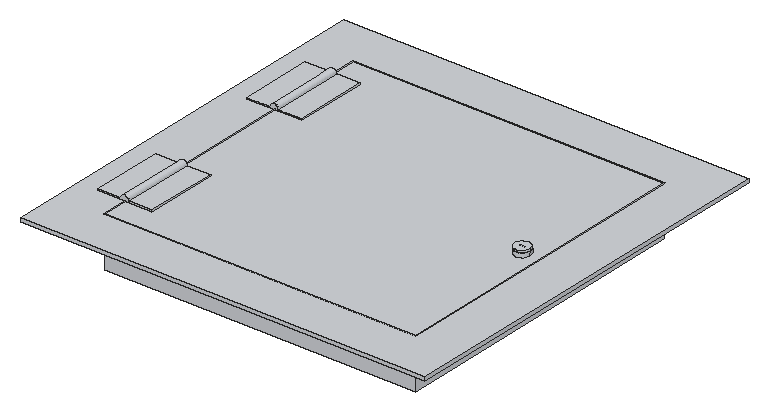
Revit family "MI-SAD", category Generic Models, host Face, Revit 2018
Family settings
  Host = Face
  Can host rebar = No
  Round Connector Dimension = Use Diameter
  Part Type = Normal
  Cut with Voids When Loaded = No
  Shared = No
  Room Calculation Point = No
Parameters (values of type "MI-SAD-10"x10"")
  Width = 0' - 10"
  URL = "WWW.MIFAB.COM"
  Model = "MI-SAD"
  Material = none
  Manufacturer = "MIFAB"
  Height = 0' - 10"
  Description = "MEDIUM SECURITY ACCESS DOOR"
  Default Elevation = 4' - 0"
Types (14): name | Width | Height
  (no name) | 0' - 10" | 0' - 10"
  MI-SAD-8"x8" | 0' - 8" | 0' - 8"
  MI-SAD-10"x10" | 0' - 10" | 0' - 10"
  MI-SAD-12"x12" | 1' - 0" | 1' - 0"
  MI-SAD-14"x14" | 1' - 2" | 1' - 2"
  MI-SAD-16"x16" | 1' - 4" | 1' - 4"
  MI-SAD-18"x18" | 1' - 6" | 1' - 6"
  MI-SAD-18"x24" | 1' - 6" | 2' - 0"
  MI-SAD-22"x22" | 1' - 10" | 1' - 10"
  MI-SAD-24"x24" | 2' - 0" | 2' - 0"
  MI-SAD-24"x30" | 2' - 0" | 2' - 6"
  MI-SAD-24"x36" | 2' - 0" | 3' - 0"
  MI-SAD-30"x30" | 2' - 6" | 2' - 6"
  MI-SAD-36"x36" | 3' - 0" | 3' - 0"
Reference planes (in)
  plane 1 "Center (Front/Back)": y = 0
  plane 2: z = 0
  plane 3 "Center (Left/Right)": x = 0
  plane 4: x = -5
  plane 5: x = 5
  plane 6: y = 5
  plane 7: y = -5
  plane 8 "1": x = 4.4375
  plane 9: x = 6.5
  plane 10: x = -6.5
  plane 11: y = 6.5
  plane 12: y = -6.5
  plane 13: z = 0.31435
  plane 14 "2": z = -1.5
  plane 15: z = 0.10937
Forms (in)
  Extrusion 1, void
    sketch origin (0, 0, 0) x (1, 0, 0) y (0, 1, 0)
      loop
        line (-5.11811, 5.11811) -> (-5.11811, -5.11811) -> (5.11811, -5.11811) -> (5.11811, 5.11811) -> (-5.11811, 5.11811)
    from -1.5 to 0
  Sweep 2, solid, material <- "Material"
    path origin (0, 0, 0.07812) x (1, 0, 0) y (0, 1, 0)
      loop
        line (5, 5) -> (-5, 5) -> (-5, -5) -> (5, -5) -> (5, 5)
    profile origin (5, 0, 0.07812) x (1, 0, 0) y (0, 0, 1)
      loop
        line (-0.11648, -1.57812) -> (0, -1.57812) -> (0, 0.03125) -> (-0.11648, 0.03125) -> (-0.11648, -1.57812)
  Sweep 3, solid, material <- "Material"
    path origin (0, 0, 0.07812) x (1, 0, 0) y (0, 1, 0)
      loop
        line (5, 5) -> (-5, 5) -> (-5, -5) -> (5, -5) -> (5, 5)
    profile origin (5, 0, 0.07812) x (1, 0, 0) y (0, 0, 1)
      loop
        line (-0.37646, -0.07813) -> (-0.37646, -0.12527) -> (-0.16431, -0.12527) -> (-0.16431, -0.31211) -> (-0.11648, -0.31211) -> (-0.11648, -0.07813) -> (-0.37646, -0.07813)
  Extrusion 4, solid, material <- "Material"
    sketch origin (0, 0, 0.07812) x (1, 0, 0) y (0, 1, 0)
      loop
        line (-4.88352, 4.88352) -> (-4.88352, -4.88352) -> (4.88352, -4.88352) -> (4.88352, 4.88352) -> (-4.88352, 4.88352)
    from -0.07813 to 0.03125
  Sweep 5, solid
    path origin (0, 0, 0.07812) x (1, 0, 0) y (0, 1, 0)
      loop
        line (6.5, 6.5) -> (-6.5, 6.5) -> (-6.5, -6.5) -> (6.5, -6.5) -> (6.5, 6.5)
    profile origin (6.5, 0, 0.07812) x (1, 0, 0) y (0, 0, 1)
      loop
        line (0, 0.03125) -> (-1.5, 0.03125) -> (-1.5, -0.07812) -> (0, -0.07812) -> (0, 0.03125)
Cuts and joins
  joined: Sweep 2, Sweep 3, Extrusion 4
Dimensions and locks (in)
  equal spacing: plane 7, plane 1 "Center (Front/Back)", plane 6
  "Height": plane 7 to plane 6
  equal spacing: plane 4, plane 3 "Center (Left/Right)", plane 5
  "Width": plane 4 to plane 5
  locked: plane 8 "1" to plane 5 at 0.5625
  locked: plane 5 to plane 9 at 1.5
  locked: plane 10 to plane 4 at 1.5
  locked: plane 12 to plane 7 at 1.5
  locked: plane 11 to plane 6 at 1.5
  locked: plane 13 to profile plane at 0.23622
  locked: plane 2 to plane 14 "2" at 1.5
  plane 9 to plane 5 = 0' - 1 1/2"
  locked: nested 2 to plane 6 at 2
  locked: plane 7 to nested 3 at 2
  aligned and locked: plane 2 to host face
  aligned and locked: level to host face
  aligned and locked: plane 2 to Extrusion 1
  aligned and locked: profile plane to Sweep 5 sketch curve
  aligned and locked: Extrusion 1 to Sweep 2
  aligned and locked: plane 14 "2" to Sweep 2 sketch curve
  aligned and locked: nested 1 to plane 8 "1"
  aligned and locked: plane 15 to Sweep 5 sketch curve
  aligned and locked: plane 5 to Sweep 5 sketch curve
  aligned and locked: plane 15 to Sweep 2 sketch curve
  aligned and locked: Sweep 2 to Sweep 3 sketch curve
  aligned and locked: Sweep 3 sketch curve to host face
  aligned and locked: Extrusion 4 to Sweep 2  (x4)
  aligned and locked: plane 4 to nested 2
  aligned and locked: plane 4 to nested 3
Automatic sketch dimensions
  host sketch curve to host sketch curve = 4' - 5.54657"
  host sketch curve to host sketch curve = 4' - 5.68393"
  Extrusion 1 sketch curve to plane 4 = 0' - 0.11811"
  Extrusion 1 sketch curve to plane 5 = 0' - 0.11811"
  plane 7 to Extrusion 1 sketch curve = 0' - 0.11811"
  plane 6 to Extrusion 1 sketch curve = 0' - 0.11811"
  Sweep 2 sketch curve to plane 4 = 0' - 0"
  Sweep 2 sketch curve to plane 5 = 0' - 0"
  plane 7 to Sweep 2 sketch curve = 0' - 0"
  Sweep 2 sketch curve to plane 6 = 0' - 0"
  profile plane to Sweep 2 sketch curve = 0' - 0"
  Sweep 2 sketch curve to Sweep 2 sketch curve = 0' - 0.11648"
  Sweep 3 sketch curve to plane 4 = 0' - 0"
  Sweep 3 sketch curve to plane 5 = 0' - 0"
  plane 7 to Sweep 3 sketch curve = 0' - 0"
  Sweep 3 sketch curve to plane 6 = 0' - 0"
  Sweep 3 sketch curve to Sweep 3 sketch curve = 0' - 0.04782"
  Sweep 3 sketch curve to Sweep 3 sketch curve = 0' - 0.21216"
  Sweep 3 sketch curve to Sweep 3 sketch curve = 0' - 0.04715"
  Sweep 3 sketch curve to Sweep 3 sketch curve = 0' - 0.18684"
  plane 4 to Extrusion 4 sketch curve = 0' - 0.11648"
  plane 5 to Extrusion 4 sketch curve = 0' - 0.11648"
  Extrusion 4 sketch curve to plane 7 = 0' - 0.11648"
  Extrusion 4 sketch curve to plane 6 = 0' - 0.11648"
  Sweep 5 sketch curve to plane 10 = 0' - 0"
  Sweep 5 sketch curve to plane 9 = 0' - 0"
  plane 12 to Sweep 5 sketch curve = 0' - 0"
  Sweep 5 sketch curve to plane 11 = 0' - 0"
  Sweep 5 sketch curve to profile plane = 0' - 0 5/64"
Nested families (in)
  nested 1: "Handle" at (4.4375, 0, 0.10937), type "Handle"
  nested 2: "Breck" at (-5, 3, 0.10937), type "Breck"
  nested 3: "Breck" at (-5, -3, 0.10937), type "Breck"
Definition of nested family "Handle"
  Parameters (values of type "Handle")
    Material = none
    Default Elevation = 4' - 0"
  Reference planes (in)
    plane 1 "Center (Front/Back)": y = 0
    plane 2: z = 0
    plane 3 "Center (Left/Right)": x = 0
    plane 4: z = 0.46152
  Forms (in)
    Extrusion 1, solid
      sketch origin (0, 0, 0) x (1, 0, 0) y (0, 1, 0)
        loop
          line (-48, 48) -> (-48, -48) -> (48, -48) -> (48, 48) -> (-48, 48)
      from 0 to -12
    Revolve 2, solid
      sketch origin (0, 0, 0) x (1, 0, 0) y (0, 0, 1)
        loop
          line (0, 0) -> (0.25, 0) -> (0.25, 0.12907)
          arc (0.25, 0.12907) -> (0.24341, 0.14499) -> (0.22749, 0.15158) r 0.02251
          line (0.22749, 0.15158) -> (0, 0.15158) -> (0, 0)
        axis (0, 0) -> (0, 0.15158)
      angle from 0 to 360
    Extrusion 3, solid
      sketch origin (-3.78692, 0, -0.49918) x (1, 0, 0) y (0, 1, 0)
        loop
          circle (3.78692, 0) r 0.25
        loop
          line (3.70895, 0.01538) -> (3.70895, -0.01537) -> (3.86488, -0.01537) -> (3.86488, 0.01538) -> (3.70895, 0.01538)
      from 0.64964 to 0.6877
  Dimensions and locks (in)
    aligned and locked: plane 2 to Extrusion 1
    aligned and locked: level to Extrusion 1
Definition of nested family "Breck"
  Parameters (values of type "Breck")
    Material = none
    Default Elevation = 4' - 0"
  Reference planes (in)
    plane 1 "Center (Front/Back)": y = 0
    plane 2: z = 0
    plane 3 "Center (Left/Right)": x = 0
    plane 4: x = -0.875
    plane 5: x = 0.875
  Forms (in)
    Extrusion 1, solid
      sketch origin (0, 0, 0) x (1, 0, 0) y (0, 1, 0)
        loop
          line (-48, 48) -> (-48, -48) -> (48, -48) -> (48, 48) -> (-48, 48)
      from 0 to -12
    Extrusion 2, solid
      sketch origin (0, 0.33389, 0) x (1, 0, 0) y (0, 0, 1)
        loop
          line (-0.875, 0) -> (0.875, 0) -> (0.875, 0.03937) -> (0.12548, 0.03937)
          arc (0.12548, 0.03937) -> (0, 0.16485) -> (-0.12548, 0.03937) r 0.12548
          line (-0.12548, 0.03937) -> (-0.875, 0.03937) -> (-0.875, 0)
      from -0.83222 to 1.5
  Dimensions and locks (in)
    aligned and locked: plane 2 to Extrusion 1
    aligned and locked: level to Extrusion 1
